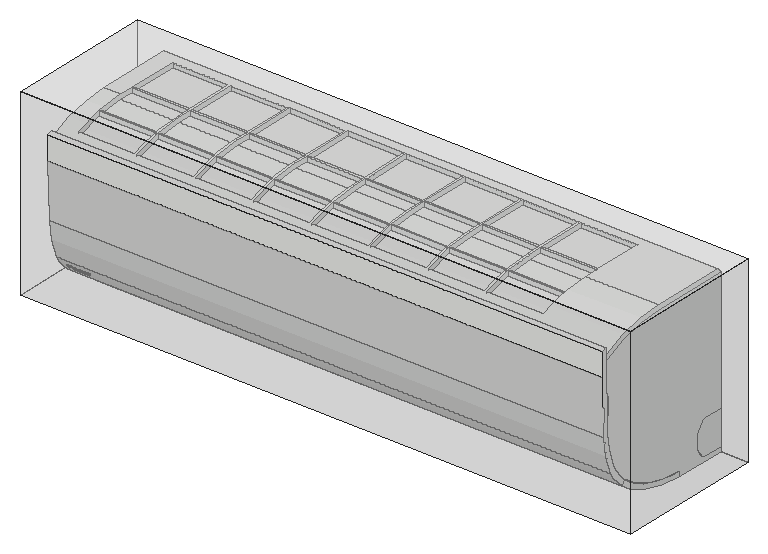
Revit family "outputfile", category 機械設備, Revit 2024
Family settings
  丸型コネクタ寸法 = 半径を使用
  パーツ タイプ = 標準
  OmniClass 番号 = 23.75.10.24.21.27.27
  OmniClass タイトル = Split System Air Conditioning Units
  作業面ベース = いいえ
  常に垂直 = はい
  ロード時にボイドで切り取り = いいえ
  注釈の向きを維持 = いいえ
  共有 = いいえ
  部屋計算ポイント = いいえ
Parameters (values of type "CTXM60RVMV")
  Description = ""
  書き出し IFC クラス(タイプ) = "IfcUnitaryEquipmentType"
  定義済み IFC タイプ(タイプ) = "AIRCONDITIONINGUNIT"
  Cost = 0
  Type Comments = ""
  Keynote = ""
  Type Image = (empty or 0)
  Assembly Code = ""
  w_wall hole = if(Width = 770.0 mm, 48.0 mm, 60.0 mm)  # 60.0 mm
  製造元 = "Daikin"
  モデル = "CTXM60RVMV"
  switch_frequency = yes
  r_Liquid Pipe Size = Liquid Pipe Size / 2  # 3.2 mm
  r_Gas Pipe Size = Gas Pipe Size / 2  # 4.75 mm
  r_Drain Pipe Size = Drain Pipe Size / 2  # 8.0 mm
  lw_powersupply [instance] = if(Width = 770.0 mm, if(or(Rear Right Connection_refrigerant, Bottom Right Connection_refrigerant), 25.0 mm, if(or(Rear Left Connection_refrigerant, Bottom Left Connection_refrigerant), 745.0 mm, 400.0 mm)), if(Width = 990.0 mm, if(or(Rear Right Connection_refrigerant, Bottom Right Connection_refrigerant), 40.0 mm, if(or(Rear Left Connection_refrigerant, Bottom Left Connection_refrigerant), 920.0 mm, 400.0 mm)), if(or(Rear Right Connection_refrigerant, Bottom Right Connection_refrigerant), 40.0 mm, if(or(Rear Left Connection_refrigerant, Bottom Left Connection_refrigerant), 920.0 mm, 400.0 mm))))  # 400.0 mm
  lw_liquidpipe [instance] = if(Width = 770.0 mm, if(or(Rear Right Connection_refrigerant, Bottom Right Connection_refrigerant), 0.0 mm, if(or(Rear Left Connection_refrigerant, Bottom Left Connection_refrigerant), 664.0 mm, 385.0 mm)), if(Width = 990.0 mm, if(or(Rear Right Connection_refrigerant, Bottom Right Connection_refrigerant), 0.0 mm, if(or(Rear Left Connection_refrigerant, Bottom Left Connection_refrigerant), 664.0 mm + (990.0 mm - 770.0 mm), 475.0 mm)), if(or(Rear Right Connection_refrigerant, Bottom Right Connection_refrigerant), 0.0 mm, if(or(Rear Left Connection_refrigerant, Bottom Left Connection_refrigerant), 664.0 mm + (990.0 mm - 770.0 mm), 475.0 mm))))  # 475.0 mm
  lw_gaspipe [instance] = if(Width = 770.0 mm, if(or(Rear Right Connection_refrigerant, Bottom Right Connection_refrigerant), 0.0 mm, if(or(Rear Left Connection_refrigerant, Bottom Left Connection_refrigerant), 675.0 mm, if(Gas Pipe Size = 12.7 mm, 345.0 mm, 335.0 mm))), if(Width = 990.0 mm, if(or(Rear Right Connection_refrigerant, Bottom Right Connection_refrigerant), 10.0 mm, if(or(Rear Left Connection_refrigerant, Bottom Left Connection_refrigerant), 890.0 mm, if(Gas Pipe Size = 15.9 mm, 410.0 mm, 400.0 mm))), if(or(Rear Right Connection_refrigerant, Bottom Right Connection_refrigerant), 10.0 mm, if(or(Rear Left Connection_refrigerant, Bottom Left Connection_refrigerant), 890.0 mm, if(Gas Pipe Size = 15.9 mm, 410.0 mm, 400.0 mm)))))  # 400.0 mm
  lw_drainpipe [instance] = if(Width = 770.0 mm, if(or(Rear Right Connection_refrigerant, Bottom Right Connection_refrigerant), 0.0 mm, if(or(Rear Left Connection_refrigerant, Bottom Left Connection_refrigerant), 770.0 mm - 48.0 mm - 48.0 mm, 440.0 mm)), if(Width = 990.0 mm, if(or(Rear Right Connection_refrigerant, Bottom Right Connection_refrigerant), 0.0 mm, if(or(Rear Left Connection_refrigerant, Bottom Left Connection_refrigerant), 675.0 mm + (990.0 mm - 770.0 mm), 435.0 mm)), if(or(Rear Right Connection_refrigerant, Bottom Right Connection_refrigerant), 0.0 mm, if(or(Rear Left Connection_refrigerant, Bottom Left Connection_refrigerant), 675.0 mm + (990.0 mm - 770.0 mm), 435.0 mm))))  # 435.0 mm
  l_powersupply_length [instance] = if(Width = 770.0 mm, if(Right Connection_refrigerant, 400.0 mm, if(Left Connection_refrigerant, 770.0 mm - 400.0 mm, if(or(Rear Left Connection_refrigerant, Rear Right Connection_refrigerant), 15.0 mm, 50.0 mm))), if(Width = 990.0 mm, if(Right Connection_refrigerant, 400.0 mm, if(Left Connection_refrigerant, 990.0 mm - 400.0 mm, if(or(Rear Left Connection_refrigerant, Rear Right Connection_refrigerant), 15.0 mm, 50.0 mm))), if(Right Connection_refrigerant, 400.0 mm, if(Left Connection_refrigerant, 990.0 mm - 400.0 mm, if(or(Rear Left Connection_refrigerant, Rear Right Connection_refrigerant), 15.0 mm, 50.0 mm)))))  # 400.0 mm
  l_liquidpipe_length [instance] = if(Width = 770.0 mm, if(Right Connection_refrigerant, 433.0 mm, if(Left Connection_refrigerant, 337.0 mm, if(or(Rear Left Connection_refrigerant, Rear Right Connection_refrigerant), 30.0 mm, 40.0 mm))), if(Width = 990.0 mm, if(Right Connection_refrigerant, 535.0 mm, if(Left Connection_refrigerant, 455.0 mm, if(or(Rear Left Connection_refrigerant, Rear Right Connection_refrigerant), 30.0 mm, 40.0 mm))), if(Right Connection_refrigerant, 535.0 mm, if(Left Connection_refrigerant, 455.0 mm, if(or(Rear Left Connection_refrigerant, Rear Right Connection_refrigerant), 30.0 mm, 40.0 mm)))))  # 535.0 mm
  l_gaspipe_length [instance] = if(Width = 770.0 mm, if(Right Connection_refrigerant, if(Gas Pipe Size = 12.7 mm, 393.0 mm, 383.0 mm), if(Left Connection_refrigerant, if(Gas Pipe Size = 12.7 mm, 770.0 mm - 393.0 mm, 770.0 mm - 383.0 mm), if(or(Rear Left Connection_refrigerant, Rear Right Connection_refrigerant), 40.0 mm, 50.0 mm))), if(Width = 990.0 mm, if(Right Connection_refrigerant, if(Gas Pipe Size = 15.9 mm, 470.0 mm, 460.0 mm), if(Left Connection_refrigerant, if(Gas Pipe Size = 15.9 mm, 990.0 mm - 470.0 mm, 990.0 mm - 460.0 mm), if(or(Rear Left Connection_refrigerant, Rear Right Connection_refrigerant), 40.0 mm, 50.0 mm))), if(Right Connection_refrigerant, if(Gas Pipe Size = 15.9 mm, 470.0 mm, 460.0 mm), if(Left Connection_refrigerant, if(Gas Pipe Size = 15.9 mm, 990.0 mm - 470.0 mm, 990.0 mm - 460.0 mm), if(or(Rear Left Connection_refrigerant, Rear Right Connection_refrigerant), 40.0 mm, 50.0 mm)))))  # 460.0 mm
  l_drainpipe_length [instance] = if(Width = 770.0 mm, if(Right Connection_refrigerant, 488.0 mm, if(Left Connection_refrigerant, 282.0 mm, if(or(Rear Left Connection_refrigerant, Rear Right Connection_refrigerant), 15.0 mm, 20.0 mm))), if(Width = 990.0 mm, if(Right Connection_refrigerant, 495.0 mm, if(Left Connection_refrigerant, 495.0 mm, if(or(Rear Left Connection_refrigerant, Rear Right Connection_refrigerant), 15.0 mm, 20.0 mm))), if(Right Connection_refrigerant, 495.0 mm, if(Left Connection_refrigerant, 495.0 mm, if(or(Rear Left Connection_refrigerant, Rear Right Connection_refrigerant), 15.0 mm, 20.0 mm)))))  # 495.0 mm
  h*** = 0.0 mm  # constant formula
  connector_voltage = Voltage_50Hz  # 230 V
  connector_powerinput = if([Power Input (Cooling)] > [Power Input (Heating)], [Power Input (Cooling)], [Power Input (Heating)])  # 0.000 kW
  connector_phase = Phase_50Hz  # 1
  angle_vertical [instance] = if(or(Bottom Left Connection_refrigerant, Bottom Right Connection_refrigerant), 0.00°, 90.00°)  # 90.00°
  angle_horizontal [instance] = if(Right Connection_refrigerant, 90.00°, if(Left Connection_refrigerant, -90.00°, if(or(Rear Left Connection_refrigerant, Rear Right Connection_refrigerant), 180.00°, 0.00°)))  # 90.00°
  Width = 990.0 mm
  Voltage_comment_50Hz = "220 - 240"
  Voltage_50Hz = 230 V
  Version = "ver.1.0"
  Unit Type = "Wall Mounted"
  Unit Mass Weight = 13.00 kg
  Unit Designation [instance] = ""
  Uniclass2015Version = "Products v1.30"
  Uniclass2015Title = "Split coil room air conditioning units"
  Uniclass2015Code = "Pr_70_65_03_86"
  URL = ""
  Total Heating Capacity [instance] = 0.000 kW
  Total Cooling Capacity [instance] = 0.000 kW
  Sound Pressure Level_M speed (dBA) = 42
  Sound Pressure Level_L speed (dBA) = 36
  Sound Pressure Level_H speed (dBA) = 48
  Sound Power Level_H speed (dB) = 0
  Series = "Multi Split_Fan Coil Unit"
  Sensible Cooling Capacity [instance] = 0.000 kW
  Refrigerant Type = "R32"
  Power Input (Heating) = 0.000 kW
  Power Input (Cooling) = 0.000 kW
  Phase_50Hz = 1
  Option Accessory 3 [instance] = ""
  Option Accessory 2 [instance] = ""
  Option Accessory 1 [instance] = ""
  Nominal Heating Capacity = 6.100 kW
  Nominal Cooling Capacity = 6.000 kW
  Minimum Circuit Amps_50Hz = 0.0 A
  Minimum Airflow = 762.00 m³/h
  Median Airflow = 948.00 m³/h
  Maximum Fuse Amps_50Hz = 0.0 A
  Maximum Airflow = 1170.00 m³/h
  Material_Casing = DAIKIN_White_Casing_indoorunit
  Load Classification = HVAC
  Liquid Pipe Size = 6.4 mm
  Link_Nested Family [instance] = ""
  IfcVersion = ""
  IfcExportType = "AIRCONDITIONINGUNIT"
  IfcExportAs = "IfcUnitaryEquipmentType"
  Height = 295.0 mm
  Heating Entering Wet Bulb Temperature [instance] = 0.00 °C
  Heating Entering Dry Bulb Temperature [instance] = 0.00 °C
  Heating Ambient Wet Bulb Temperature [instance] = 0.00 °C
  Heating Ambient Dry Bulb Temperature [instance] = 0.00 °C
  Heat Exchanger Type = "Cross Fin Coil"
  Gas Pipe Size = 9.5 mm
  Frequency_50Hz = 50 Hz
  Fan Type = "Cross Flow Fan"
  Fan Drive = "Direct Drive"
  FCU Tag No. [instance] = ""
  Drain Pipe Size = 16.0 mm
  Design Supply Airflow [instance] = 0.00 m³/h
  Depth = 263.0 mm
  既定の高さ = 0.0 mm
  Cooling Entering Wet Bulb Temperature [instance] = 0.00 °C
  Cooling Entering Dry Bulb Temperature [instance] = 0.00 °C
  Cooling Ambient Wet Bulb Temperature [instance] = 0.00 °C
  Cooling Ambient Dry Bulb Temperature [instance] = 0.00 °C
  Clearance visibility [instance] = yes
  Clearance Top = 30.0 mm
  Clearance Right = 50.0 mm
  Clearance Rear = 0.0 mm
  Clearance Left = 50.0 mm
  Clearance Front = 0.0 mm
  Clearance Bottom = 0.0 mm
  Bottom Right Connection_refrigerant [instance] = no
  Bottom Left Connection_refrigerant [instance] = no
  Rear Right Connection_refrigerant [instance] = no
  Rear Left Connection_refrigerant [instance] = no
  Right Connection_refrigerant [instance] = yes
  Left Connection_refrigerant [instance] = no
Reference planes
  plane 1 "Back": y = 0
  plane 2: z = 0
  plane 3 "Center (Left/Right)": x = 0
  plane 4 "Center (Front/Back)": y = -131.5
  plane 5 "Front": y = -263
  plane 6 "Left": x = -495
  plane 7 "Right": x = 495
  plane 8 "Top": z = 0
  plane 9 "Bottom": z = -295
  plane 10: x = -545
  plane 11: x = 545
  plane 12: y = 0
  plane 13: y = -263
  plane 14: z = 30
  plane 15: z = -295
  plane 16 "lw_Piping and Wiring intake": x = 435
  plane 17 "lw_gaspipe": x = 35
  plane 18 "lw_liquidpipe": x = -40
  plane 19 "lw_drainpipe": x = 0
  plane 20 "lh_drainpipe": z = -275
  plane 21 "lh_liquidpipe": z = -255
  plane 22 "lh_gaspipe": z = -245
  plane 23 "ld_drainpipe": y = -15
  plane 24 "ld_liquidpipe": y = -30
  plane 25 "ld_gaspipe": y = -40
  plane 26 "lw_powersupply": x = 95
Dimensions and locks
  equal spacing: plane 6 "Left", plane 3 "Center (Left/Right)", plane 7 "Right"
  "Width": plane 6 "Left" to plane 7 "Right"
  equal spacing: plane 5 "Front", plane 4 "Center (Front/Back)", plane 1 "Back"
  "Depth": plane 5 "Front" to plane 1 "Back"
  "Height": plane 8 "Top" to plane 9 "Bottom"
  "Clearance Rear": plane 12 to plane 1 "Back"
  "Clearance Front": plane 13 to plane 5 "Front"
  "Clearance Top": plane 14 to plane 8 "Top"
  "Clearance Bottom": plane 9 "Bottom" to plane 15
  "w_wall hole": plane 16 "lw_Piping and Wiring intake" to plane 7 "Right"
  "lw_gaspipe": plane 17 "lw_gaspipe" to plane 16 "lw_Piping and Wiring intake"
  "lw_liquidpipe": plane 18 "lw_liquidpipe" to plane 16 "lw_Piping and Wiring intake"
  "lw_drainpipe": plane 19 "lw_drainpipe" to plane 16 "lw_Piping and Wiring intake"
  locked: plane 20 "lh_drainpipe" to plane 9 "Bottom" at 20
  locked: plane 21 "lh_liquidpipe" to plane 9 "Bottom" at 40
  locked: plane 22 "lh_gaspipe" to plane 9 "Bottom" at 50
  locked: plane 23 "ld_drainpipe" to plane 1 "Back" at 15
  locked: plane 1 "Back" to plane 24 "ld_liquidpipe" at 30
  locked: plane 1 "Back" to plane 25 "ld_gaspipe" at 40
  "lw_powersupply": plane 26 "lw_powersupply" to plane 7 "Right"
  "Clearance Left": plane 10 to plane 6 "Left"
  "Clearance Right": plane 7 "Right" to plane 11
  aligned and locked: level to plane 2
  aligned and locked: plane 12 to nested 1
  aligned and locked: nested 1 to plane 13
  aligned and locked: plane 10 to nested 1
  aligned and locked: plane 11 to nested 1
  aligned and locked: plane 15 to nested 1
  aligned and locked: plane 14 to nested 1
  aligned and locked: plane 17 "lw_gaspipe" to nested 2
  aligned and locked: nested 2 to plane 25 "ld_gaspipe"
  aligned and locked: plane 18 "lw_liquidpipe" to nested 3
  aligned and locked: nested 3 to plane 24 "ld_liquidpipe"
  aligned and locked: plane 19 "lw_drainpipe" to nested 4
  aligned and locked: nested 4 to plane 23 "ld_drainpipe"
  aligned and locked: nested 5 to plane 23 "ld_drainpipe"
  aligned and locked: plane 26 "lw_powersupply" to nested 5
  aligned and locked: level to plane 8 "Top"
  aligned and locked: plane 3 "Center (Left/Right)" to nested 6
  aligned and locked: plane 1 "Back" to nested 6
  aligned and locked: plane 8 "Top" to nested 6
Nested families
  nested 1: "daikin_clearancespace" at (0, -131.5, -132.381), show <- "Clearance visibility", visible <- "Clearance visibility", Link_Nested Family <- "Link_Nested Family", type "daikin_clearancespace"
    with width 1090.0 mm, show yes, height 325.0 mm, depth 263.0 mm, Link_Nested Family ""
  nested 2: "daikin_connector_rotate3" at (35, -40, -245), angle_vertical <- "angle_vertical", angle_horizontal <- "angle_horizontal", length <- "l_gaspipe_length", radius <- "r_Gas Pipe Size", type "daikin_connector_rotate3"
    with show no, radius 4.75 mm, length 460.0 mm, angle_vertical 90.00°, angle_horizontal 90.00°
  nested 3: "daikin_connector_rotate3" at (-40, -30, -255), angle_vertical <- "angle_vertical", angle_horizontal <- "angle_horizontal", radius <- "r_Liquid Pipe Size", length <- "l_liquidpipe_length", type "daikin_connector_rotate3"
    with show no, radius 3.2 mm, length 535.0 mm, angle_vertical 90.00°, angle_horizontal 90.00°
  nested 4: "daikin_connector_rotate3" at (0, -15, -275), angle_vertical <- "angle_vertical", angle_horizontal <- "angle_horizontal", length <- "l_drainpipe_length", radius <- "r_Drain Pipe Size", type "daikin_connector_rotate3"
    with show no, radius 8.0 mm, length 495.0 mm, angle_vertical 90.00°, angle_horizontal 90.00°
  nested 5: "daikin_connector_rotate3" at (95, -15, -245), angle_vertical <- "angle_vertical", angle_horizontal <- "angle_horizontal", length <- "l_powersupply_length", type "daikin_connector_rotate3"
    with show no, radius 10.0 mm, length 400.0 mm, angle_vertical 90.00°, angle_horizontal 90.00°
  nested 6: "DAIKIN_indoorunit_CTXM-RVMV" at (-31, 0, 0), type "CTXM-RVMV"
    with switch_unit1_50-71 yes, switch_unit1_25-35 no, Width 990.0 mm, WALL HOLE-R 60.0 mm, WALL HOLE Size 80.0 mm, Height 295.0 mm
Connectors
  piping at (495, -40, -245), diameter 9.5, driven by "r_Gas Pipe Size"
    settings: on nested 2, index 1, connector inside diameter 609.6 mm, connector length 0.0 mm, flow factor 0, pipe flow 0.00 m³/h, pressure drop 0.0 Pa, fitting loss kfactor 0, connector angle 0.00°, fixture units 0, engagement length 0.0 mm, angle of deflection 0.00°, flow configuration 1, flow direction 2, fitting loss method 0, system type 29, joint type 0, gender type 0, connector reference index -1, connector utility 0, adjustable connector no, is connector primary yes, connector description "Refrigerant Gas Piping"
  piping at (495, -30, -255), diameter 6.4, driven by "r_Liquid Pipe Size"
    settings: on nested 3, index 2, connector inside diameter 609.6 mm, connector length 0.0 mm, flow factor 0, pipe flow 0.00 m³/h, pressure drop 0.0 Pa, fitting loss kfactor 0, connector angle 0.00°, fixture units 0, engagement length 0.0 mm, angle of deflection 0.00°, flow configuration 1, flow direction 1, fitting loss method 0, system type 29, joint type 0, gender type 0, connector reference index -1, connector utility 0, adjustable connector no, is connector primary no, connector description "Refrigerant Liquid Piping"
  piping at (495, -15, -275), diameter 16, driven by "r_Drain Pipe Size"
    settings: on nested 4, index 3, connector inside diameter 609.6 mm, connector length 0.0 mm, flow factor 0, pipe flow 0.00 m³/h, pressure drop 0.0 Pa, fitting loss kfactor 0, connector angle 0.00°, fixture units 0, engagement length 0.0 mm, angle of deflection 0.00°, flow configuration 1, flow direction 2, fitting loss method 4, system type 16, joint type 0, gender type 0, connector reference index -1, connector utility 0, adjustable connector no, is connector primary no, connector description "Condensate Drain Piping"
  electrical at (495, -15, -245), driven by "Load Classification", driven by "connector_voltage", driven by "connector_powerinput", driven by "connector_phase"
    settings: on nested 5, index 4, voltage 230 V, apparent load 0 VA, apparent load phase1 0 VA, apparent load phase2 0 VA, apparent load phase3 0 VA, power factor 1, load classification "HVAC", number of poles 1, system type 30, power factor state 1, is connector primary yes, connector utility no, sub classification motor no, connector description "Power Supply"
Definition of nested family "daikin_clearancespace"
  Parameters (values of type "daikin_clearancespace")
    Description = "daikin_clearancespace"
    width [instance] = 1823.963 mm
    show [instance] = yes
    material = none
    height [instance] = 1359.762 mm
    depth [instance] = 880.0 mm
    Default Elevation = 0.0 mm
    Link_Nested Family [instance] = ""
  Reference planes
    plane 1 "Center (Front/Back)": y = 0
    plane 2 "Center (Elevation)": z = -0.119
    plane 3 "Center (Left/Right)": x = 0
    plane 4: y = 440
    plane 5: y = -440
    plane 6 "Right": x = 911.982
    plane 7 "Left": x = -911.982
    plane 8 "Top": z = 679.762
    plane 9 "Bottom": z = -680
  Forms (mm)
    Extrusion 1, solid, material <- "material", visible <- "show"
      sketch origin (0, 0, 0) x (1, 0, 0) y (0, 1, 0)
        loop
          line (-911.982, 440) -> (-911.982, -440) -> (911.982, -440) -> (911.982, 440) -> (-911.982, 440)
      from -680 to 679.762
  Lines and regions (mm)
    symbolic lines, visible <- "show"
      curve 1: line (911.982, 440, 0) -> (-911.982, 440, 0)
      curve 2: line (-911.982, 440, 0) -> (-911.982, -440, 0)
      curve 3: line (-911.982, -440, 0) -> (911.982, -440, 0)
      curve 4: line (911.982, -440, 0) -> (911.982, 440, 0)
      curve 5: line (911.982, 0, 679.762) -> (-911.982, 0, 679.762)
      curve 6: line (911.982, 0, -680) -> (911.982, 0, 679.762)
      curve 7: line (-911.982, 0, -680) -> (911.982, 0, -680)
      curve 8: line (-911.982, 0, 679.762) -> (-911.982, 0, -680)
      curve 9: line (0, 440, 679.762) -> (0, -440, 679.762)
      curve 10: line (0, -440, 679.762) -> (0, -440, -680)
      curve 11: line (0, 440, -680) -> (0, 440, 679.762)
      curve 12: line (0, -440, -680) -> (0, 440, -680)
  Dimensions and locks
    "width": plane 7 "Left" to plane 6 "Right"
    "depth": plane 4 to plane 5
    "height": plane 8 "Top" to plane 9 "Bottom"
    equal spacing: plane 7 "Left", plane 3 "Center (Left/Right)", plane 6 "Right"
    equal spacing: plane 4, plane 1 "Center (Front/Back)", plane 5
    equal spacing: plane 8 "Top", plane 2 "Center (Elevation)", plane 9 "Bottom"
    aligned and locked: level to plane 2 "Center (Elevation)"
    aligned and locked: Extrusion 1 sketch curve to plane 4
    aligned and locked: plane 7 "Left" to Extrusion 1 sketch curve
    aligned and locked: Extrusion 1 sketch curve to plane 5
    aligned and locked: Extrusion 1 sketch curve to plane 6 "Right"
    aligned and locked: plane 8 "Top" to Extrusion 1
    aligned and locked: curve 1 to Extrusion 1
    aligned and locked: curve 2 to Extrusion 1
    aligned and locked: curve 3 to Extrusion 1
    aligned and locked: curve 4 to Extrusion 1
    aligned and locked: curve 5 to Extrusion 1
    aligned and locked: curve 6 to Extrusion 1
    aligned and locked: curve 7 to Extrusion 1
    aligned and locked: curve 8 to Extrusion 1
    aligned and locked: curve 9 to Extrusion 1
    aligned and locked: curve 10 to Extrusion 1
    aligned and locked: curve 11 to Extrusion 1
    aligned and locked: curve 12 to Extrusion 1
    aligned and locked: Extrusion 1 to plane 9 "Bottom"
Definition of nested family "DAIKIN_indoorunit_CTXM-RVMV"
  Parameters (values of type "CTKM-RVMV")
    switch_unit1_50-71 = Width = 990.0 mm  # no
    switch_unit1_25-35 = Width = 770.0 mm  # yes
    Width = 770.0 mm
    WALL HOLE-R = if(Width = 770.0 mm, 48.0 mm, 60.0 mm)  # 48.0 mm
    WALL HOLE Size = if(Width = 770.0 mm, 65.0 mm, 80.0 mm)  # 65.0 mm
    Material_Casing = none
    Height = if(Width = 770.0 mm, 285.0 mm, 295.0 mm)  # 285.0 mm
    Default Elevation = 0.0 mm
  Reference planes
    plane 1 "Center (Front/Back)": y = 0
    plane 2 "reference_level": z = 0
    plane 3 "Center (Left/Right)": x = 31
    plane 4: x = -354
    plane 5: x = 416
    plane 6: z = -285
  Forms (mm)
    Extrusion 1, solid, material <- "Material_Casing", visible <- "switch_unit1_25-35"
      sketch origin (29, 0, 0) x (0, 1, 0) y (0, 0, 1)
        loop
          line (-5, 0) -> (-98, 0)
          arc (-98, 0) -> (-157.611, -7.211) -> (-213.783, -28.427) r 250
          arc (-213.783, -28.427) -> (-213.842, -32.972) -> (-213.892, -37.516) r 2191
          arc (-213.892, -37.516) -> (-157.832, -15.495) -> (-98.07, -8) r 242
          line (-98.07, -8) -> (0, -8) -> (-5, 0)
      from -383 to 387
    Extrusion 2, solid, material <- "Material_Casing", visible <- "switch_unit1_25-35"
      sketch origin (416, 1296.25, 1200) x (0, 1, 0) y (0, 0, 1)
        loop
          line (-1472.998, -1446.91) -> (-1476.998, -1453.839)
          arc (-1476.998, -1453.839) -> (-1437.481, -1472.422) -> (-1395.25, -1483.538) r 240
          line (-1395.25, -1483.538) -> (-1395.25, -1475.422)
          arc (-1395.25, -1475.422) -> (-1435.407, -1464.663) -> (-1472.998, -1446.91) r 232
      from 0 to -47.5
    Extrusion 3, solid, material <- "Material_Casing", visible <- "switch_unit1_25-35"
      sketch origin (29, 0, 0) x (0, 1, 0) y (0, 0, 1)
        loop
          arc (-223, -60.455) -> (-222.414, -110.646) -> (-220.656, -160.81) r 2149.92
          arc (-220.656, -160.81) -> (-219.65, -174.299) -> (-217.853, -187.706) r 229.911
          arc (-217.853, -187.706) -> (-205.371, -223.594) -> (-181.517, -253.17) r 111
          line (-181.517, -253.17) -> (-177.429, -246.093)
          arc (-177.429, -246.093) -> (-198.77, -218.989) -> (-209.965, -186.36) r 103
          arc (-209.965, -186.36) -> (-211.681, -173.586) -> (-212.651, -160.735) r 221.844
          arc (-212.651, -160.735) -> (-214.739, -93.233) -> (-214.74, -25.699) r 2186.828
          arc (-214.74, -25.699) -> (-214.671, -21.467) -> (-214.594, -17.235) r 2192
          line (-214.594, -17.235) -> (-223, -19.961) -> (-223, -60.455)
      from -383 to 387
    Extrusion 4, solid, material <- "Material_Casing", visible <- "switch_unit1_25-35"
      sketch origin (29, 0, -20) x (0, 1, 0) y (0, 0, 1)
        loop
          line (0, -265) -> (0, 12) -> (-98.07, 12)
          arc (-98.07, 12) -> (-157.832, 4.505) -> (-213.892, -17.516) r 242
          arc (-213.892, -17.516) -> (-213.638, -79.114) -> (-211.653, -140.681) r 2191
          arc (-211.653, -140.681) -> (-210.685, -153.501) -> (-208.973, -166.243) r 221
          arc (-208.973, -166.243) -> (-197.471, -199.282) -> (-175.482, -226.491) r 102
          arc (-175.482, -226.491) -> (-138.004, -244.019) -> (-98, -254.579) r 231
          line (-98, -254.579) -> (-98, -265) -> (0, -265)
      from -383 to 387
    Extrusion 5, solid, material <- "Material_Casing", visible <- "switch_unit1_25-35"
      sketch origin (-354, 1296.25, 1200) x (0, 1, 0) y (0, 0, 1)
        loop
          line (-1472.998, -1446.91) -> (-1476.998, -1453.839)
          arc (-1476.998, -1453.839) -> (-1437.481, -1472.422) -> (-1395.25, -1483.538) r 240
          line (-1395.25, -1483.538) -> (-1395.25, -1475.422)
          arc (-1395.25, -1475.422) -> (-1435.407, -1464.663) -> (-1472.998, -1446.91) r 232
      from 47 to 0
    Extrusion 6, solid, material <- "Material_Casing", visible <- "switch_unit1_25-35"
      sketch origin (416, 1296.25, 1200) x (0, 1, 0) y (0, 0, 1)
        loop
          line (-1472.998, -1446.91) -> (-1476.998, -1453.839)
          arc (-1476.998, -1453.839) -> (-1443.437, -1470.168) -> (-1407.75, -1481.097) r 240
          line (-1407.75, -1481.097) -> (-1407.75, -1472.894)
          arc (-1407.75, -1472.894) -> (-1441.363, -1462.385) -> (-1472.998, -1446.91) r 232
      from -116.993 to -48.493
    Extrusion 7, solid, material <- "Material_Casing", visible <- "switch_unit1_25-35"
      sketch origin (416, 1296.25, 1200) x (0, 1, 0) y (0, 0, 1)
        loop
          line (-1472.998, -1446.91) -> (-1476.998, -1453.839)
          arc (-1476.998, -1453.839) -> (-1443.437, -1470.168) -> (-1407.75, -1481.097) r 240
          line (-1407.75, -1481.097) -> (-1407.75, -1472.894)
          arc (-1407.75, -1472.894) -> (-1441.363, -1462.385) -> (-1472.998, -1446.91) r 232
      from -717 to -121.993
    Extrusion 8, void
      sketch origin (31, 0, -235) x (1, 0, 0) y (0, 1, 0)
        loop
          line (-252.674, -22.316) -> (-354.941, -22.316) -> (-354.941, -91.341) -> (-252.674, -91.341) -> (-252.674, -22.316)
        loop
          line (-249.341, -91.341) -> (-151.574, -91.341) -> (-151.574, -22.316) -> (-249.341, -22.316) -> (-249.341, -91.341)
        loop
          line (58.309, -22.316) -> (-148.309, -22.316) -> (-148.309, -91.341) -> (58.309, -91.341) -> (58.309, -22.316)
        loop
          line (61.689, -22.316) -> (61.689, -91.341) -> (159.457, -91.341) -> (159.457, -22.316) -> (61.689, -22.316)
        loop
          line (162.789, -22.316) -> (162.789, -91.341) -> (265.057, -91.341) -> (265.057, -22.316) -> (162.789, -22.316)
        loop
          line (-354.941, -94.659) -> (-354.941, -165.259) -> (-252.674, -165.259) -> (-252.674, -94.659) -> (-354.941, -94.659)
        loop
          line (-249.341, -94.659) -> (-249.341, -165.259) -> (-151.574, -165.259) -> (-151.574, -94.659) -> (-249.341, -94.659)
        loop
          line (-148.309, -94.659) -> (-148.309, -165.259) -> (58.309, -165.259) -> (58.309, -94.659) -> (-148.309, -94.659)
        loop
          line (61.689, -94.659) -> (61.689, -165.259) -> (159.457, -165.259) -> (159.457, -94.659) -> (61.689, -94.659)
        loop
          line (162.789, -94.659) -> (162.789, -165.259) -> (265.057, -165.259) -> (265.057, -94.659) -> (162.789, -94.659)
        loop
          line (-354.941, -167.382) -> (-354.941, -192.681) -> (-252.674, -192.681) -> (-252.674, -167.382) -> (-354.941, -167.382)
        loop
          line (-249.341, -167.382) -> (-249.341, -192.681) -> (-151.574, -192.681) -> (-151.574, -167.382) -> (-249.341, -167.382)
        loop
          line (-148.309, -167.382) -> (-148.309, -192.681) -> (58.309, -192.681) -> (58.309, -167.382) -> (-148.309, -167.382)
        loop
          line (159.457, -167.382) -> (61.689, -167.382) -> (61.689, -192.681) -> (159.457, -192.681) -> (159.457, -167.382)
        loop
          line (265.057, -167.382) -> (162.789, -167.382) -> (162.789, -192.681) -> (265.057, -192.681) -> (265.057, -167.382)
      from 201.638 to 250
    Extrusion 9, solid, material <- "Material_Casing"
      sketch origin (31, 0, 0) x (1, 0, 0) y (0, 0, 1)
        loop
          circle (337, -240.5) r 32.5
        loop
          circle (-337, -240.5) r 32.5
      from 0 to 5
    Extrusion 10, solid, material <- "Material_Casing", visible <- "switch_unit1_25-35"
      sketch origin (416, 1296.25, 1200) x (0, -1, 0) y (0, 0, 1)
        loop
          line (1326.25, -1417) -> (1296.25, -1417) -> (1296.25, -1477) -> (1326.25, -1477)
          arc (1326.25, -1477) -> (1340.393, -1471.142) -> (1346.25, -1457) r 20
          line (1346.25, -1457) -> (1346.25, -1437)
          arc (1346.25, -1437) -> (1340.393, -1422.858) -> (1326.25, -1417) r 20
      from 0 to 5
    Extrusion 11, solid, material <- "Material_Casing", visible <- "switch_unit1_25-35"
      sketch origin (-354, 1296.25, 1200) x (0, 1, 0) y (0, 0, 1)
        loop
          line (-1296.25, -1417) -> (-1326.25, -1417)
          arc (-1326.25, -1417) -> (-1340.393, -1422.858) -> (-1346.25, -1437) r 20
          line (-1346.25, -1437) -> (-1346.25, -1457)
          arc (-1346.25, -1457) -> (-1340.393, -1471.142) -> (-1326.25, -1477) r 20
          line (-1326.25, -1477) -> (-1296.25, -1477) -> (-1296.25, -1417)
      from 0 to 5
    Extrusion 12, solid, material <- "Material_Casing", visible <- "switch_unit1_25-35"
      sketch origin (31, 0, -285) x (-1, 0, 0) y (0, -1, 0)
        loop
          line (-314, 0) -> (-314, 30)
          arc (-314, 30) -> (-319.858, 44.142) -> (-334, 50) r 20
          line (-334, 50) -> (-354, 50)
          arc (-354, 50) -> (-368.142, 44.142) -> (-374, 30) r 20
          line (-374, 30) -> (-374, 0) -> (-314, 0)
        loop
          line (374, 0) -> (374, 30)
          arc (374, 30) -> (368.142, 44.142) -> (354, 50) r 20
          line (354, 50) -> (334, 50)
          arc (334, 50) -> (319.858, 44.142) -> (314, 30) r 20
          line (314, 30) -> (314, 0) -> (374, 0)
      from 0 to 5
    Extrusion 13, solid, material <- "Material_Casing", visible <- "switch_unit1_50-71"
      sketch origin (31, 0, 0) x (0, 1, 0) y (0, 0, 1)
        loop
          line (-5, 0) -> (-138, 0)
          arc (-138, 0) -> (-197.611, -7.211) -> (-253.783, -28.427) r 250
          arc (-253.783, -28.427) -> (-253.838, -32.687) -> (-253.886, -36.946) r 2191
          arc (-253.886, -36.946) -> (-197.73, -15.346) -> (-138.014, -8) r 246.393
          line (-138.014, -8) -> (0, -8) -> (-5, 0)
      from -495 to 495
    Extrusion 14, solid, material <- "Material_Casing", visible <- "switch_unit1_50-71"
      sketch origin (418, 1296.25, 1200) x (0, 1, 0) y (0, 0, 1)
        loop
          arc (-1515.208, -1454.149) -> (-1506.856, -1460.599) -> (-1497.925, -1466.219) r 110
          arc (-1497.925, -1466.219) -> (-1445.718, -1487.493) -> (-1389.844, -1494.995) r 223
          line (-1389.844, -1494.995) -> (-1389.844, -1486.086) -> (-1404.386, -1486.086)
          arc (-1404.386, -1486.086) -> (-1449.542, -1477.46) -> (-1491.818, -1459.402) r 214.289
          arc (-1491.818, -1459.402) -> (-1501.056, -1453.541) -> (-1509.606, -1446.715) r 101
          line (-1509.606, -1446.715) -> (-1515.208, -1454.149)
      from 108 to 57.5
    Extrusion 15, solid, material <- "Material_Casing", visible <- "switch_unit1_50-71"
      sketch origin (31, 0, 0) x (0, 1, 0) y (0, 0, 1)
        loop
          line (-263, -19.962) -> (-263, -61.6)
          arc (-263, -61.6) -> (-262.414, -110.219) -> (-260.656, -158.81) r 2017.341
          arc (-260.656, -158.81) -> (-255.648, -191.935) -> (-244.041, -223.362) r 164.725
          arc (-244.041, -223.362) -> (-233.569, -239.793) -> (-219.717, -253.495) r 87.379
          line (-219.717, -253.495) -> (-214.706, -246.846)
          arc (-214.706, -246.846) -> (-229.564, -230.029) -> (-240.385, -210.371) r 102
          arc (-240.385, -210.371) -> (-249.049, -182.962) -> (-252.848, -154.467) r 165.789
          arc (-252.848, -154.467) -> (-254.771, -90.102) -> (-254.74, -25.708) r 2122.533
          arc (-254.74, -25.708) -> (-254.671, -21.469) -> (-254.594, -17.23) r 2192
          line (-254.594, -17.23) -> (-263, -19.962)
      from -495 to 495
    Extrusion 16, void
      sketch origin (33, 0, 0) x (1, 0, 0) y (0, 1, 0)
        loop
          line (-466.909, -22.316) -> (-466.909, -111.341) -> (-366.303, -111.341) -> (-366.303, -22.316) -> (-466.909, -22.316)
        loop
          line (-362.71, -22.316) -> (-362.71, -111.341) -> (-262.103, -111.341) -> (-262.103, -22.316) -> (-362.71, -22.316)
        loop
          line (-258.51, -22.316) -> (-258.51, -111.341) -> (-157.904, -111.341) -> (-157.904, -22.316) -> (-258.51, -22.316)
        loop
          line (-154.31, -22.316) -> (-154.31, -111.341) -> (-53.704, -111.341) -> (-53.704, -22.316) -> (-154.31, -22.316)
        loop
          line (-50.11, -22.316) -> (-50.11, -111.341) -> (50.496, -111.341) -> (50.496, -22.316) -> (-50.11, -22.316)
        loop
          line (54.089, -22.316) -> (54.089, -111.341) -> (154.696, -111.341) -> (154.696, -22.316) -> (54.089, -22.316)
        loop
          line (158.289, -22.316) -> (158.289, -111.341) -> (258.895, -111.341) -> (258.895, -22.316) -> (158.289, -22.316)
        loop
          line (262.489, -22.316) -> (262.489, -111.341) -> (363.095, -111.341) -> (363.095, -22.316) -> (262.489, -22.316)
        loop
          line (-466.909, -114.459) -> (-466.909, -185.059) -> (-366.303, -185.059) -> (-366.303, -114.459) -> (-466.909, -114.459)
        loop
          line (-362.71, -114.459) -> (-362.71, -185.059) -> (-262.103, -185.059) -> (-262.103, -114.459) -> (-362.71, -114.459)
        loop
          line (-258.51, -114.459) -> (-258.51, -185.059) -> (-157.904, -185.059) -> (-157.904, -114.459) -> (-258.51, -114.459)
        loop
          line (-154.31, -114.459) -> (-154.31, -185.059) -> (-53.704, -185.059) -> (-53.704, -114.459) -> (-154.31, -114.459)
        loop
          line (-50.11, -114.459) -> (-50.11, -185.059) -> (50.496, -185.059) -> (50.496, -114.459) -> (-50.11, -114.459)
        loop
          line (54.089, -114.459) -> (54.089, -185.059) -> (154.696, -185.059) -> (154.696, -114.459) -> (54.089, -114.459)
        loop
          line (158.289, -114.459) -> (158.289, -185.059) -> (258.895, -185.059) -> (258.895, -114.459) -> (158.289, -114.459)
        loop
          line (262.489, -114.459) -> (262.489, -185.059) -> (363.095, -185.059) -> (363.095, -114.459) -> (262.489, -114.459)
        loop
          line (-466.909, -187.382) -> (-466.909, -232.681) -> (-366.303, -232.681) -> (-366.303, -187.382) -> (-466.909, -187.382)
        loop
          line (-362.71, -187.382) -> (-362.71, -232.681) -> (-262.103, -232.681) -> (-262.103, -187.382) -> (-362.71, -187.382)
        loop
          line (-258.51, -187.382) -> (-258.51, -232.681) -> (-157.904, -232.681) -> (-157.904, -187.382) -> (-258.51, -187.382)
        loop
          line (-154.31, -187.382) -> (-154.31, -232.681) -> (-53.704, -232.681) -> (-53.704, -187.382) -> (-154.31, -187.382)
        loop
          line (-50.11, -187.382) -> (-50.11, -232.681) -> (50.496, -232.681) -> (50.496, -187.382) -> (-50.11, -187.382)
        loop
          line (54.089, -187.382) -> (54.089, -232.681) -> (154.696, -232.681) -> (154.696, -187.382) -> (54.089, -187.382)
        loop
          line (158.289, -187.382) -> (158.289, -232.681) -> (258.895, -232.681) -> (258.895, -187.382) -> (158.289, -187.382)
        loop
          line (262.489, -187.382) -> (262.489, -232.681) -> (363.095, -232.681) -> (363.095, -187.382) -> (262.489, -187.382)
      from -40.013 to 47.268
    Extrusion 17, solid, material <- "Material_Casing", visible <- "switch_unit1_50-71"
      sketch origin (-356, 1296.25, 1200) x (0, 1, 0) y (0, 0, -1)
        loop
          line (-1515.208, 1454.149) -> (-1509.606, 1446.715)
          arc (-1509.606, 1446.715) -> (-1501.056, 1453.541) -> (-1491.818, 1459.402) r 101
          arc (-1491.818, 1459.402) -> (-1449.542, 1477.46) -> (-1404.386, 1486.086) r 214.289
          line (-1404.386, 1486.086) -> (-1389.844, 1486.086) -> (-1389.844, 1494.995)
          arc (-1389.844, 1494.995) -> (-1445.718, 1487.493) -> (-1497.925, 1466.219) r 223
          arc (-1497.925, 1466.219) -> (-1506.856, 1460.599) -> (-1515.208, 1454.149) r 110
      from 108 to 61
    Extrusion 18, solid, material <- "Material_Casing", visible <- "switch_unit1_50-71"
      sketch origin (418, 1296.25, 1200) x (0, 1, 0) y (0, 0, 1)
        loop
          arc (-1515.208, -1454.149) -> (-1506.856, -1460.599) -> (-1497.925, -1466.219) r 110
          arc (-1497.925, -1466.219) -> (-1463.185, -1482.066) -> (-1426.25, -1491.755) r 223
          line (-1426.25, -1491.755) -> (-1426.25, -1483.166)
          arc (-1426.25, -1483.166) -> (-1460.008, -1473.969) -> (-1491.818, -1459.402) r 214.289
          arc (-1491.818, -1459.402) -> (-1501.056, -1453.541) -> (-1509.606, -1446.715) r 101
          line (-1509.606, -1446.715) -> (-1515.208, -1454.149)
      from 56.5 to -36.993
    Extrusion 19, solid, material <- "Material_Casing", visible <- "switch_unit1_50-71"
      sketch origin (418, 1296.25, 1200) x (0, 1, 0) y (0, 0, 1)
        loop
          arc (-1426.25, -1483.166) -> (-1443.442, -1479.224) -> (-1460.25, -1473.881) r 214.289
          line (-1460.25, -1473.881) -> (-1460.25, -1483.089)
          arc (-1460.25, -1483.089) -> (-1443.421, -1488.091) -> (-1426.25, -1491.755) r 223
          line (-1426.25, -1491.755) -> (-1426.25, -1483.166)
      from -43.493 to -828.893
    Extrusion 20, solid, material <- "Material_Casing", visible <- "switch_unit1_50-71"
      sketch origin (418, 1296.25, 1200) x (0, 1, 0) y (0, 0, 1)
        loop
          arc (-1515.208, -1454.149) -> (-1506.856, -1460.599) -> (-1497.925, -1466.219) r 110
          arc (-1497.925, -1466.219) -> (-1479.479, -1475.527) -> (-1460.25, -1483.089) r 223
          line (-1460.25, -1483.089) -> (-1460.25, -1473.881)
          arc (-1460.25, -1473.881) -> (-1476.328, -1467.282) -> (-1491.818, -1459.402) r 214.289
          arc (-1491.818, -1459.402) -> (-1501.056, -1453.541) -> (-1509.606, -1446.715) r 101
          line (-1509.606, -1446.715) -> (-1515.208, -1454.149)
      from -43.493 to -828.893
    Extrusion 21, solid, material <- "Material_Casing", visible <- "switch_unit1_50-71"
      sketch origin (31, 0, -30) x (0, 1, 0) y (0, 0, 1)
        loop
          line (0, 22) -> (-138.014, 22)
          arc (-138.014, 22) -> (-197.73, 14.654) -> (-253.886, -6.946) r 246.393
          arc (-253.886, -6.946) -> (-253.682, -65.635) -> (-251.855, -124.295) r 2120.935
          arc (-251.855, -124.295) -> (-248.086, -152.682) -> (-239.461, -179.988) r 164.789
          arc (-239.461, -179.988) -> (-228.903, -199.231) -> (-214.437, -215.738) r 101
          line (-214.437, -215.738) -> (-212.406, -216.221)
          arc (-212.406, -216.221) -> (-204.07, -222.837) -> (-195.079, -228.53) r 100
          arc (-195.079, -228.53) -> (-145.557, -248.629) -> (-92.593, -255.785) r 213.289
          line (-92.593, -255.785) -> (-92.593, -265) -> (0, -265) -> (0, 22)
      from -495 to 495
    Extrusion 22, solid, material <- "Material_Casing", visible <- "switch_unit1_50-71"
      sketch origin (526, 1296.25, 1200) x (0, -1, 0) y (0, 0, 1)
        loop
          line (1326.25, -1427.035) -> (1296.25, -1427.035) -> (1296.25, -1487.035) -> (1326.25, -1487.035)
          arc (1326.25, -1487.035) -> (1340.393, -1481.177) -> (1346.25, -1467.035) r 20
          line (1346.25, -1467.035) -> (1346.25, -1447.035)
          arc (1346.25, -1447.035) -> (1340.393, -1432.892) -> (1326.25, -1427.035) r 20
      from 0 to 5
    Extrusion 23, solid, material <- "Material_Casing", visible <- "switch_unit1_50-71"
      sketch origin (-459, 1296.25, 1200) x (0, -1, 0) y (0, 0, 1)
        loop
          line (1326.25, -1427.035) -> (1296.25, -1427.035) -> (1296.25, -1487.035) -> (1326.25, -1487.035)
          arc (1326.25, -1487.035) -> (1340.393, -1481.177) -> (1346.25, -1467.035) r 20
          line (1346.25, -1467.035) -> (1346.25, -1447.035)
          arc (1346.25, -1447.035) -> (1340.393, -1432.892) -> (1326.25, -1427.035) r 20
      from 0 to 5
    Extrusion 24, solid, material <- "Material_Casing", visible <- "switch_unit1_50-71"
      sketch origin (31, 200, -295) x (-1, 0, 0) y (0, -1, 0)
        loop
          line (469, 200) -> (469, 230)
          arc (469, 230) -> (463.142, 244.142) -> (449, 250) r 20
          line (449, 250) -> (429, 250)
          arc (429, 250) -> (414.858, 244.142) -> (409, 230) r 20
          line (409, 230) -> (409, 200) -> (469, 200)
        loop
          line (-469, 200) -> (-409, 200) -> (-409, 230)
          arc (-409, 230) -> (-414.858, 244.142) -> (-429, 250) r 20
          line (-429, 250) -> (-449, 250)
          arc (-449, 250) -> (-463.142, 244.142) -> (-469, 230) r 20
          line (-469, 230) -> (-469, 200)
      from 0 to 5
  Cuts and joins
    Extrusion 8 cuts Extrusion 1
    Extrusion 16 cuts Extrusion 13
  Lines and regions (mm)
    reference lines
      curve 1: line (-523, -201.911, -229.404) -> (-523, -193.542, -239.977)
      curve 2: line (-523, -240.779, -229.404) -> (-523, -232.411, -239.977)
  Dimensions and locks
    locked: Extrusion 10 sketch curve to Extrusion 10 sketch curve at 60
    locked: Extrusion 10 sketch curve to Extrusion 10 sketch curve at 50
    locked: Extrusion 12 sketch curve to Extrusion 12 sketch curve at 60  (x2)
    locked: Extrusion 12 sketch curve to Extrusion 12 sketch curve at 50
    equal spacing: plane 5, plane 3 "Center (Left/Right)", plane 4
    "Width": plane 5 to plane 4
    locked: Extrusion 9 sketch curve to plane 4 at 48
    "WALL HOLE-R": plane 5 to Extrusion 9 sketch curve
    "Height": plane 2 "reference_level" to plane 6
    locked: Extrusion 9 sketch curve to plane 6 at 44.5  (x2)
    locked: Extrusion 15 to nested 2 at 15
    locked: Extrusion 22 sketch curve to Extrusion 22 sketch curve at 60
    locked: Extrusion 22 sketch curve to Extrusion 22 sketch curve at 50
    locked: Extrusion 23 sketch curve to Extrusion 23 sketch curve at 60
    locked: Extrusion 23 sketch curve to Extrusion 23 sketch curve at 50
    locked: Extrusion 24 sketch curve to Extrusion 24 sketch curve at 60  (x2)
    locked: Extrusion 24 sketch curve to Extrusion 24 sketch curve at 50  (x2)
    "WALL HOLE Size": diameter of Extrusion 9 sketch curve  (x2)
    aligned and locked: level to plane 2 "reference_level"
    aligned and locked: nested 1 to curve 1
    aligned and locked: Extrusion 11 sketch curve to Extrusion 10  (x4)
    aligned and locked: Extrusion 12 sketch curve to Extrusion 12 sketch curve  (x2)
    aligned and locked: Extrusion 9 to plane 1 "Center (Front/Back)"
    aligned and locked: nested 2 to curve 2
  Automatic sketch dimensions
    curve 1 to level = 239.977 mm
    plane 1 "Center (Front/Back)" to curve 1 = 193.542 mm
    curve 2 to curve 1 = 0.0 mm
    curve 2 to curve 2 = 10.573 mm
    curve 1 to curve 1 = 10.573 mm
    curve 1 to curve 1 = 8.368 mm
    curve 1 to curve 2 = 30.5 mm
    curve 2 to curve 2 = 8.368 mm
    Extrusion 1 sketch curve to level = 0.0 mm
    Extrusion 1 sketch curve to plane 1 "Center (Front/Back)" = 0.0 mm
    plane 1 "Center (Front/Back)" to Extrusion 1 sketch curve = 5.0 mm
    plane 1 "Center (Front/Back)" to Extrusion 1 sketch curve = 98.0 mm
    Extrusion 1 sketch curve to Extrusion 1 sketch curve = 0.07 mm
    Extrusion 1 sketch curve to level = 59.292 mm
    Extrusion 1 sketch curve to plane 1 "Center (Front/Back)" = 1977.0 mm
    Extrusion 1 sketch curve to level = 250.0 mm
    Extrusion 1 sketch curve to Extrusion 1 sketch curve = 0.0 mm
    Extrusion 1 sketch curve to level = 8.0 mm
    Extrusion 1 sketch curve to level = 28.427 mm
    plane 1 "Center (Front/Back)" to Extrusion 2 sketch curve = 180.748 mm
    Extrusion 2 sketch curve to Extrusion 2 sketch curve = 4.0 mm
    Extrusion 2 sketch curve to Extrusion 2 sketch curve = 77.747 mm
    plane 1 "Center (Front/Back)" to Extrusion 2 sketch curve = 59.279 mm
    Extrusion 2 sketch curve to Extrusion 2 sketch curve = 0.0 mm
    Extrusion 2 sketch curve to level = 283.538 mm
    Extrusion 2 sketch curve to Extrusion 2 sketch curve = 8.116 mm
    Extrusion 2 sketch curve to Extrusion 2 sketch curve = 21.583 mm
    Extrusion 2 sketch curve to Extrusion 2 sketch curve = 6.929 mm
    Extrusion 3 sketch curve to level = 19.961 mm
    plane 1 "Center (Front/Back)" to Extrusion 3 sketch curve = 223.0 mm
    Extrusion 3 sketch curve to level = 17.235 mm
    Extrusion 3 sketch curve to Extrusion 3 sketch curve = 8.406 mm
    plane 1 "Center (Front/Back)" to Extrusion 3 sketch curve = 181.517 mm
    Extrusion 3 sketch curve to Extrusion 3 sketch curve = 4.087 mm
    Extrusion 3 sketch curve to Extrusion 3 sketch curve = 69.11 mm
    Extrusion 3 sketch curve to Extrusion 3 sketch curve = 0.001 mm
    Extrusion 3 sketch curve to plane 1 "Center (Front/Back)" = 8.955 mm
    Extrusion 3 sketch curve to Extrusion 3 sketch curve = 0.067 mm
    Extrusion 3 sketch curve to level = 60.455 mm
    Extrusion 3 sketch curve to Extrusion 3 sketch curve = 1917.898 mm
    Extrusion 3 sketch curve to Extrusion 3 sketch curve = 44.907 mm
    Extrusion 3 sketch curve to Extrusion 3 sketch curve = 5.172 mm
    Extrusion 3 sketch curve to level = 150.456 mm
    Extrusion 3 sketch curve to Extrusion 3 sketch curve = 0.006 mm
    Extrusion 3 sketch curve to Extrusion 3 sketch curve = 19.265 mm
    Extrusion 3 sketch curve to Extrusion 3 sketch curve = 0.004 mm
    Extrusion 3 sketch curve to Extrusion 3 sketch curve = 76.368 mm
    Extrusion 3 sketch curve to Extrusion 3 sketch curve = 7.077 mm
    Extrusion 3 sketch curve to Extrusion 3 sketch curve = 1.002 mm
    Extrusion 3 sketch curve to Extrusion 3 sketch curve = 0.046 mm
    Extrusion 3 sketch curve to Extrusion 3 sketch curve = 8.005 mm
    Extrusion 3 sketch curve to Extrusion 3 sketch curve = 0.147 mm
    Extrusion 3 sketch curve to Extrusion 3 sketch curve = 0.0 mm
    Extrusion 4 sketch curve to plane 1 "Center (Front/Back)" = 0.0 mm
    plane 1 "Center (Front/Back)" to Extrusion 4 sketch curve = 59.278 mm
    Extrusion 4 sketch curve to Extrusion 4 sketch curve = 98.0 mm
    Extrusion 4 sketch curve to Extrusion 4 sketch curve = 0.0 mm  (x3)
    Extrusion 4 sketch curve to level = 8.0 mm
    Extrusion 4 sketch curve to Extrusion 4 sketch curve = 38.791 mm
    Extrusion 4 sketch curve to Extrusion 4 sketch curve = 10.249 mm
    Extrusion 4 sketch curve to plane 1 "Center (Front/Back)" = 9.11 mm
    Extrusion 4 sketch curve to level = 59.292 mm
    Extrusion 4 sketch curve to Extrusion 4 sketch curve = 1967.89 mm
    Extrusion 4 sketch curve to Extrusion 4 sketch curve = 142.454 mm
    Extrusion 4 sketch curve to Extrusion 4 sketch curve = 19.271 mm
    Extrusion 4 sketch curve to Extrusion 4 sketch curve = 80.275 mm
    Extrusion 4 sketch curve to Extrusion 4 sketch curve = 24.579 mm
    Extrusion 4 sketch curve to Extrusion 4 sketch curve = 10.421 mm
    Extrusion 4 sketch curve to level = 46.847 mm
    Extrusion 4 sketch curve to Extrusion 4 sketch curve = 77.412 mm
    Extrusion 4 sketch curve to Extrusion 4 sketch curve = 33.49 mm
    Extrusion 4 sketch curve to Extrusion 4 sketch curve = 2.68 mm
    plane 1 "Center (Front/Back)" to Extrusion 5 sketch curve = 180.748 mm
    Extrusion 5 sketch curve to Extrusion 5 sketch curve = 4.0 mm
    Extrusion 5 sketch curve to Extrusion 5 sketch curve = 77.747 mm
    plane 1 "Center (Front/Back)" to Extrusion 5 sketch curve = 59.279 mm
    Extrusion 5 sketch curve to Extrusion 5 sketch curve = 0.0 mm
    Extrusion 5 sketch curve to level = 283.538 mm
    Extrusion 5 sketch curve to Extrusion 5 sketch curve = 8.116 mm
    Extrusion 5 sketch curve to Extrusion 5 sketch curve = 21.583 mm
    Extrusion 5 sketch curve to Extrusion 5 sketch curve = 6.929 mm
    plane 1 "Center (Front/Back)" to Extrusion 6 sketch curve = 180.748 mm
    Extrusion 6 sketch curve to Extrusion 6 sketch curve = 4.0 mm
    Extrusion 6 sketch curve to Extrusion 6 sketch curve = 65.247 mm
    plane 1 "Center (Front/Back)" to Extrusion 6 sketch curve = 59.279 mm
    Extrusion 6 sketch curve to Extrusion 6 sketch curve = 0.0 mm
    Extrusion 6 sketch curve to level = 281.097 mm
    Extrusion 6 sketch curve to Extrusion 6 sketch curve = 8.203 mm
    Extrusion 6 sketch curve to Extrusion 6 sketch curve = 19.055 mm
    Extrusion 6 sketch curve to Extrusion 6 sketch curve = 6.929 mm
    plane 1 "Center (Front/Back)" to Extrusion 7 sketch curve = 180.748 mm
    Extrusion 7 sketch curve to Extrusion 7 sketch curve = 4.0 mm
    Extrusion 7 sketch curve to Extrusion 7 sketch curve = 65.247 mm
    plane 1 "Center (Front/Back)" to Extrusion 7 sketch curve = 59.279 mm
    Extrusion 7 sketch curve to Extrusion 7 sketch curve = 0.0 mm
    Extrusion 7 sketch curve to level = 281.097 mm
    Extrusion 7 sketch curve to Extrusion 7 sketch curve = 8.203 mm
    Extrusion 7 sketch curve to Extrusion 7 sketch curve = 19.055 mm
    Extrusion 7 sketch curve to Extrusion 7 sketch curve = 6.929 mm
    plane 1 "Center (Front/Back)" to Extrusion 8 sketch curve = 165.259 mm  (x2)
    Extrusion 8 sketch curve to plane 3 "Center (Left/Right)" = 354.941 mm
    plane 1 "Center (Front/Back)" to Extrusion 8 sketch curve = 22.316 mm  (x3)
    Extrusion 8 sketch curve to Extrusion 8 sketch curve = 0.0 mm  (x26)
    Extrusion 8 sketch curve to Extrusion 8 sketch curve = 102.268 mm  (x2)
    Extrusion 8 sketch curve to Extrusion 8 sketch curve = 3.332 mm  (x4)
    Extrusion 8 sketch curve to Extrusion 8 sketch curve = 97.768 mm  (x2)
    Extrusion 8 sketch curve to Extrusion 8 sketch curve = 3.264 mm  (x3)
    plane 3 "Center (Left/Right)" to Extrusion 8 sketch curve = 58.309 mm
    Extrusion 8 sketch curve to Extrusion 8 sketch curve = 3.38 mm  (x3)
    Extrusion 8 sketch curve to Extrusion 8 sketch curve = 2.124 mm  (x6)
    Extrusion 8 sketch curve to Extrusion 8 sketch curve = 25.299 mm  (x2)
    Extrusion 8 sketch curve to Extrusion 8 sketch curve = 70.6 mm
    Extrusion 8 sketch curve to Extrusion 8 sketch curve = 3.317 mm  (x4)
    Extrusion 10 sketch curve to plane 1 "Center (Front/Back)" = 0.0 mm
    Extrusion 10 sketch curve to Extrusion 10 sketch curve = 20.0 mm  (x2)
    Extrusion 10 sketch curve to level = 277.0 mm
    plane 1 "Center (Front/Back)" to Extrusion 12 sketch curve = 0.0 mm
    plane 3 "Center (Left/Right)" to Extrusion 12 sketch curve = 374.0 mm
    Extrusion 12 sketch curve to Extrusion 12 sketch curve = 20.0 mm  (x3)
    plane 1 "Center (Front/Back)" to Extrusion 12 sketch curve = 30.0 mm
    Extrusion 12 sketch curve to plane 3 "Center (Left/Right)" = 314.0 mm
    Extrusion 13 sketch curve to level = 0.0 mm
    Extrusion 13 sketch curve to plane 1 "Center (Front/Back)" = 0.0 mm
    plane 1 "Center (Front/Back)" to Extrusion 13 sketch curve = 5.0 mm
    Extrusion 13 sketch curve to Extrusion 13 sketch curve = 133.0 mm
    Extrusion 13 sketch curve to Extrusion 13 sketch curve = 0.013 mm
    Extrusion 13 sketch curve to level = 59.292 mm
    Extrusion 13 sketch curve to plane 1 "Center (Front/Back)" = 1937.0 mm
    Extrusion 13 sketch curve to Extrusion 13 sketch curve = 250.0 mm
    Extrusion 13 sketch curve to Extrusion 13 sketch curve = 4.393 mm
    Extrusion 13 sketch curve to level = 8.0 mm
    Extrusion 13 sketch curve to level = 28.427 mm
    plane 1 "Center (Front/Back)" to Extrusion 14 sketch curve = 218.957 mm
    Extrusion 14 sketch curve to Extrusion 14 sketch curve = 5.601 mm
    Extrusion 14 sketch curve to Extrusion 14 sketch curve = 65.735 mm
    Extrusion 14 sketch curve to Extrusion 14 sketch curve = 1.462 mm
    plane 1 "Center (Front/Back)" to Extrusion 14 sketch curve = 108.136 mm
    Extrusion 14 sketch curve to Extrusion 14 sketch curve = 14.543 mm
    plane 1 "Center (Front/Back)" to Extrusion 14 sketch curve = 92.093 mm
    Extrusion 14 sketch curve to Extrusion 14 sketch curve = 1.354 mm
    Extrusion 14 sketch curve to level = 294.995 mm
    Extrusion 14 sketch curve to Extrusion 14 sketch curve = 8.909 mm
    Extrusion 14 sketch curve to Extrusion 14 sketch curve = 31.937 mm
    Extrusion 14 sketch curve to Extrusion 14 sketch curve = 7.433 mm
    Extrusion 14 sketch curve to Extrusion 14 sketch curve = 75.403 mm
    Extrusion 14 sketch curve to Extrusion 14 sketch curve = 0.896 mm
    Extrusion 14 sketch curve to level = 72.504 mm
    Extrusion 14 sketch curve to Extrusion 14 sketch curve = 0.504 mm
    Extrusion 15 sketch curve to level = 19.962 mm
    plane 1 "Center (Front/Back)" to Extrusion 15 sketch curve = 263.0 mm
    Extrusion 15 sketch curve to level = 17.23 mm
    Extrusion 15 sketch curve to Extrusion 15 sketch curve = 8.406 mm
    Extrusion 15 sketch curve to Extrusion 15 sketch curve = 43.283 mm
    Extrusion 15 sketch curve to Extrusion 15 sketch curve = 5.011 mm
    Extrusion 15 sketch curve to Extrusion 15 sketch curve = 49.129 mm
    Extrusion 15 sketch curve to Extrusion 15 sketch curve = 19.417 mm
    Extrusion 15 sketch curve to Extrusion 15 sketch curve = 50.037 mm
    Extrusion 15 sketch curve to Extrusion 15 sketch curve = 8.89 mm
    Extrusion 15 sketch curve to level = 61.6 mm
    Extrusion 15 sketch curve to plane 1 "Center (Front/Back)" = 1754.341 mm
    Extrusion 15 sketch curve to level = 58.909 mm
    Extrusion 15 sketch curve to Extrusion 15 sketch curve = 113.192 mm
    Extrusion 15 sketch curve to Extrusion 15 sketch curve = 69.467 mm
    Extrusion 15 sketch curve to level = 146.886 mm
    Extrusion 15 sketch curve to Extrusion 15 sketch curve = 3.987 mm
    Extrusion 15 sketch curve to Extrusion 15 sketch curve = 20.44 mm
    Extrusion 15 sketch curve to Extrusion 15 sketch curve = 13.597 mm
    Extrusion 15 sketch curve to Extrusion 15 sketch curve = 61.936 mm
    Extrusion 15 sketch curve to Extrusion 15 sketch curve = 6.649 mm
    Extrusion 15 sketch curve to level = 59.438 mm
    Extrusion 15 sketch curve to Extrusion 15 sketch curve = 0.0 mm
    Extrusion 15 sketch curve to Extrusion 15 sketch curve = 0.147 mm
    Extrusion 15 sketch curve to Extrusion 15 sketch curve = 7.808 mm
    plane 1 "Center (Front/Back)" to Extrusion 16 sketch curve = 22.316 mm  (x6)
    Extrusion 16 sketch curve to plane 3 "Center (Left/Right)" = 464.909 mm
    Extrusion 16 sketch curve to Extrusion 16 sketch curve = 0.0 mm  (x27)
    Extrusion 16 sketch curve to Extrusion 16 sketch curve = 100.606 mm  (x7)
    Extrusion 16 sketch curve to Extrusion 16 sketch curve = 3.594 mm  (x16)
    Extrusion 16 sketch curve to plane 3 "Center (Left/Right)" = 51.704 mm
    plane 3 "Center (Left/Right)" to Extrusion 16 sketch curve = 52.496 mm  (x2)
    Extrusion 16 sketch curve to Extrusion 16 sketch curve = 89.026 mm  (x6)
    Extrusion 16 sketch curve to Extrusion 16 sketch curve = 3.117 mm  (x8)
    Extrusion 16 sketch curve to Extrusion 16 sketch curve = 70.6 mm  (x7)
    Extrusion 16 sketch curve to Extrusion 16 sketch curve = 2.324 mm  (x8)
    Extrusion 16 sketch curve to Extrusion 16 sketch curve = 45.299 mm  (x7)
    plane 1 "Center (Front/Back)" to Extrusion 17 sketch curve = 218.957 mm
    Extrusion 17 sketch curve to Extrusion 17 sketch curve = 5.601 mm
    Extrusion 17 sketch curve to Extrusion 17 sketch curve = 65.735 mm
    Extrusion 17 sketch curve to Extrusion 17 sketch curve = 1.462 mm
    plane 1 "Center (Front/Back)" to Extrusion 17 sketch curve = 108.136 mm
    Extrusion 17 sketch curve to Extrusion 17 sketch curve = 14.543 mm
    plane 1 "Center (Front/Back)" to Extrusion 17 sketch curve = 92.093 mm
    Extrusion 17 sketch curve to Extrusion 17 sketch curve = 1.354 mm
    Extrusion 17 sketch curve to level = 72.0 mm
    Extrusion 17 sketch curve to Extrusion 17 sketch curve = 0.504 mm
    Extrusion 17 sketch curve to Extrusion 17 sketch curve = 98.416 mm
    Extrusion 17 sketch curve to Extrusion 17 sketch curve = 0.896 mm
    Extrusion 17 sketch curve to Extrusion 17 sketch curve = 76.3 mm
    Extrusion 17 sketch curve to Extrusion 17 sketch curve = 7.433 mm
    Extrusion 17 sketch curve to Extrusion 17 sketch curve = 26.684 mm
    Extrusion 17 sketch curve to Extrusion 17 sketch curve = 8.909 mm
    plane 1 "Center (Front/Back)" to Extrusion 18 sketch curve = 218.957 mm
    Extrusion 18 sketch curve to Extrusion 18 sketch curve = 5.601 mm
    Extrusion 18 sketch curve to Extrusion 18 sketch curve = 65.735 mm
    Extrusion 18 sketch curve to Extrusion 18 sketch curve = 1.462 mm
    Extrusion 18 sketch curve to Extrusion 18 sketch curve = 83.356 mm
    plane 1 "Center (Front/Back)" to Extrusion 18 sketch curve = 92.093 mm
    Extrusion 18 sketch curve to Extrusion 18 sketch curve = 1.354 mm
    Extrusion 18 sketch curve to level = 291.755 mm
    Extrusion 18 sketch curve to Extrusion 18 sketch curve = 8.588 mm
    Extrusion 18 sketch curve to Extrusion 18 sketch curve = 29.018 mm
    Extrusion 18 sketch curve to Extrusion 18 sketch curve = 7.433 mm
    Extrusion 18 sketch curve to Extrusion 18 sketch curve = 75.403 mm
    Extrusion 18 sketch curve to Extrusion 18 sketch curve = 0.896 mm
    Extrusion 18 sketch curve to level = 72.504 mm
    Extrusion 18 sketch curve to Extrusion 18 sketch curve = 0.504 mm
    plane 1 "Center (Front/Back)" to Extrusion 19 sketch curve = 164.0 mm
    Extrusion 19 sketch curve to Extrusion 19 sketch curve = 34.0 mm
    plane 1 "Center (Front/Back)" to Extrusion 19 sketch curve = 92.093 mm
    Extrusion 19 sketch curve to Extrusion 19 sketch curve = 1.354 mm
    Extrusion 19 sketch curve to level = 291.755 mm
    Extrusion 19 sketch curve to Extrusion 19 sketch curve = 8.588 mm
    Extrusion 19 sketch curve to Extrusion 19 sketch curve = 0.077 mm
    Extrusion 19 sketch curve to Extrusion 19 sketch curve = 9.207 mm
    plane 1 "Center (Front/Back)" to Extrusion 20 sketch curve = 218.957 mm
    Extrusion 20 sketch curve to Extrusion 20 sketch curve = 5.601 mm
    Extrusion 20 sketch curve to Extrusion 20 sketch curve = 49.356 mm
    Extrusion 20 sketch curve to Extrusion 20 sketch curve = 65.735 mm
    Extrusion 20 sketch curve to Extrusion 20 sketch curve = 1.462 mm
    plane 1 "Center (Front/Back)" to Extrusion 20 sketch curve = 92.093 mm
    Extrusion 20 sketch curve to Extrusion 20 sketch curve = 1.354 mm
    Extrusion 20 sketch curve to level = 283.089 mm
    Extrusion 20 sketch curve to Extrusion 20 sketch curve = 9.207 mm
    Extrusion 20 sketch curve to Extrusion 20 sketch curve = 19.733 mm
    Extrusion 20 sketch curve to Extrusion 20 sketch curve = 7.433 mm
    Extrusion 20 sketch curve to Extrusion 20 sketch curve = 75.403 mm
    Extrusion 20 sketch curve to Extrusion 20 sketch curve = 0.896 mm
    Extrusion 20 sketch curve to level = 72.504 mm
    Extrusion 20 sketch curve to Extrusion 20 sketch curve = 0.504 mm
    Extrusion 21 sketch curve to Extrusion 21 sketch curve = 0.0 mm  (x4)
    Extrusion 21 sketch curve to plane 1 "Center (Front/Back)" = 0.0 mm
    plane 1 "Center (Front/Back)" to Extrusion 21 sketch curve = 87.233 mm
    Extrusion 21 sketch curve to Extrusion 21 sketch curve = 3.506 mm
    Extrusion 21 sketch curve to Extrusion 21 sketch curve = 92.593 mm
    Extrusion 21 sketch curve to Extrusion 21 sketch curve = 45.42 mm
    Extrusion 21 sketch curve to Extrusion 21 sketch curve = 58.927 mm
    Extrusion 21 sketch curve to Extrusion 21 sketch curve = 74.393 mm
    Extrusion 21 sketch curve to Extrusion 21 sketch curve = 2.031 mm
    Extrusion 21 sketch curve to level = 58.927 mm
    Extrusion 21 sketch curve to plane 1 "Center (Front/Back)" = 1866.935 mm
    Extrusion 21 sketch curve to level = 72.504 mm
    Extrusion 21 sketch curve to Extrusion 21 sketch curve = 74.381 mm
    Extrusion 21 sketch curve to Extrusion 21 sketch curve = 24.427 mm
    Extrusion 21 sketch curve to Extrusion 21 sketch curve = 74.426 mm
